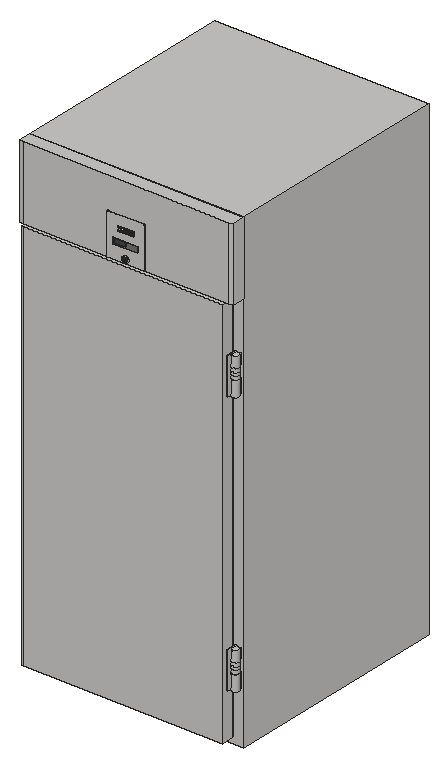
Revit family "QF_ZANUSSI_110884_ZRI16R1FR", category Specialty Equipment, Revit 2018
Family settings
  Round Connector Dimension = Use Diameter
  Part Type = Normal
  Work Plane-Based = No
  Always vertical = Yes
  Cut with Voids When Loaded = No
  Shared = No
  Room Calculation Point = No
Parameters
  Weight = 200.00 kg
  Watts = 0 W
  Volts = 0 V
  URL Manufacturer = ""
  URL = ""
  Steam Supply Size = 0 mm
  Steam Supply Minimum Pressure = 0.0 Pa
  Steam Supply Maximum Pressure = 0.0 Pa
  Steam Pounds per Hour = 0
  Refrigeration Suction Line Size = 0 mm
  Refrigeration Liquid Line Size = 0 mm
  Refrigerant Compressor Remote = yes
  Manufacturer = ""
  Phase = 0
  Model = ""
  Length Actual = 1021 mm  # constant formula
  Item Number = ""
  Hot Water Size = 0 mm
  Height Actual = 2273 mm  # constant formula
  HP = ""
  Gas Size = 0 mm
  Gas KW = 0
  Gas Input Pressure = 0 W
  Description = ""
  Depth Actual = 1175 mm  # constant formula
  Cycle = 0 Hz
  Condensate Return Size = 0 mm
  Compressed Air Volume = 0.0 L/s
  Compressed Air Size = 0 mm
  Compressed Air Pressure = 0.0 Pa
  Cold Water Size = 0 mm
  Accessory = yes
Types (2, lengths in mm): name | Watts | Volts | URL Manufacturer | URL | Manufacturer | Phase | Model | Item Number | HP | Description | Cycle
  (no name) | 0 W | 0 V | "" | "" | "" | 0 | "" | "" | "" | "" | 0 Hz
  Standard | 46.4515 W | 220 V | "http://www.zanussiprofessional.com" | "http://www.zanussiprofessional.com" | "Zanussi" | 1 | "ZRI16R1FR" | "110884" | "0.7 HP" | "1-DOOR ROLL-IN REFRIGERATOR 1600L +2°C R290" | 50 Hz
Reference planes
  plane 1 "Center (Front/Back)": y = 0
  plane 2: z = 0
  plane 3 "Center (Left/Right)": x = 0
  plane 4 "TOP": z = 2273
  plane 5 "FRONT": y = -587.5
  plane 6 "BACK": y = 587.5
  plane 7 "LEFT": x = -510.5
  plane 8 "RIGHT": x = 510.5
  plane 9 "ROy": y = -397.5
  plane 10 "RIy": y = -393.5
  plane 11 "ROx": x = 394.5
  plane 12 "RIx": x = 332.5
  plane 13 "ROz": z = 2054
Forms (mm)
  Extrusion 1, solid, material "QF_Finishes_Stainless Steel"
    sketch origin (0, 0, 0) x (1, 0, 0) y (0, 1, 0)
      loop
        line (-510.5, 587.5) -> (-510.5, -515.5) -> (510.5, -515.5) -> (510.5, 587.5) -> (-510.5, 587.5)
    from 0 to 2273
  Extrusion 2, solid
    sketch origin (0, 587.5, 1872) x (-1, 0, 0) y (0, 0, 1)
      loop
        circle (494.5, 306) r 10
    from 0 to 3.2
  Extrusion 3, solid, material "QF_Clearances", detail levels coarse
    sketch origin (0, 0, 0) x (1, 0, 0) y (0, 1, 0)
      loop
        line (-510.5, -587.5) -> (-510.5, 587.5) -> (510.5, 587.5) -> (510.5, -587.5) -> (560.5, -587.5) -> (560.5, 637.5) -> (-560.5, 637.5) -> (-560.5, -587.5) -> (-510.5, -587.5)
    from 0 to 2273
  Extrusion 4, solid, material "QF_Clearances", detail levels coarse
    sketch origin (0, 0, 2273) x (-1, 0, 0) y (0, -1, 0)
      loop
        line (560.5, -637.5) -> (560.5, 587.5) -> (-560.5, 587.5) -> (-560.5, -637.5) -> (560.5, -637.5)
    from 0 to 500
  Extrusion 5, void
    sketch origin (0, 587.5, 0) x (-1, 0, 0) y (0, 0, 1)
      loop
        line (450.5, 1865) -> (-450.5, 1865) -> (-450.5, 5) -> (450.5, 5) -> (450.5, 1865)
    from -59 to -1084
Cuts and joins
  joined: Extrusion 3, Extrusion 4
  Extrusion 5 cuts Extrusion 1
Lines and regions (mm)
  symbolic lines, style "QF_Clearances", detail levels coarse
    curve 1: line (-510.5, -587.5, 2273) -> (-560.5, -587.5, 2273)
    curve 2: line (-560.5, -587.5, 2273) -> (-560.5, 637.5, 2273)
    curve 3: line (-560.5, 637.5, 2273) -> (560.5, 637.5, 2273)
    curve 4: line (560.5, 637.5, 2273) -> (560.5, -587.5, 2273)
    curve 5: line (560.5, -587.5, 2273) -> (510.5, -587.5, 2273)
Dimensions and locks
  plane 6 "BACK" to plane 1 "Center (Front/Back)" to plane 5 "FRONT" = 587.5 mm, 587.5 mm
  equal spacing: plane 7 "LEFT", plane 3 "Center (Left/Right)", plane 8 "RIGHT"
  plane 7 "LEFT" to plane 8 "RIGHT" = 1021 mm
  plane 6 "BACK" to plane 5 "FRONT" = 1175 mm
  plane 4 "TOP" to plane 2 = 2273 mm
  equal spacing: plane 8 "RIGHT", plane 3 "Center (Left/Right)", plane 7 "LEFT"
  plane 6 "BACK" to nested 1 = 2123 mm
  cut or joined group of Extrusion 1, Extrusion 5 to cut or joined group of Extrusion 1, Extrusion 5 = 901 mm
  cut or joined group of Extrusion 1, Extrusion 5 to cut or joined group of Extrusion 1, Extrusion 5 = 1044 mm
  plane 6 "BACK" to plane 10 "RIy" = 981 mm
  plane 6 "BACK" to plane 9 "ROy" = 985 mm
  plane 12 "RIx" to plane 11 "ROx" = 62 mm
  cut or joined group of Extrusion 1, Extrusion 5 to plane 13 "ROz" = 219 mm
  cut or joined group of Extrusion 3, Extrusion 4 to plane 4 "TOP" = 500 mm
  nested 1 to cut or joined group of Extrusion 1, Extrusion 5 = 1169 mm
  cut or joined group of Extrusion 3, Extrusion 4 to cut or joined group of Extrusion 1, Extrusion 5 = 50 mm
  cut or joined group of Extrusion 3, Extrusion 4 to plane 7 "LEFT" = 50 mm
  cut or joined group of Extrusion 1, Extrusion 5 to cut or joined group of Extrusion 3, Extrusion 4 = 50 mm
  plane 4 "TOP" to plane 13 "ROz" = 219 mm
  plane 11 "ROx" to plane 8 "RIGHT" = 116 mm
  plane 8 "RIGHT" to plane 7 "LEFT" = 1021 mm
  aligned and locked: level to plane 2
Automatic sketch dimensions
  plane 7 "LEFT" to Extrusion 2 sketch curve = 16 mm
  Extrusion 4 sketch curve to plane 5 "FRONT" = 0 mm
  Extrusion 4 sketch curve to plane 8 "RIGHT" = 50 mm
  Extrusion 4 sketch curve to plane 7 "LEFT" = 50 mm
  plane 6 "BACK" to Extrusion 4 sketch curve = 50 mm
  Extrusion 1 sketch curve to plane 7 "LEFT" = 0 mm
  Extrusion 1 sketch curve to plane 8 "RIGHT" = 0 mm
  Extrusion 1 sketch curve to plane 6 "BACK" = 0 mm
  plane 5 "FRONT" to Extrusion 1 sketch curve = 72 mm
  Extrusion 2 sketch curve to plane 4 "TOP" = 95 mm
  Extrusion 3 sketch curve to plane 5 "FRONT" = 0 mm  (x2)
  Extrusion 3 sketch curve to plane 7 "LEFT" = 0 mm
  Extrusion 3 sketch curve to plane 6 "BACK" = 0 mm
  Extrusion 3 sketch curve to plane 8 "RIGHT" = 0 mm
  Extrusion 3 sketch curve to plane 7 "LEFT" = 50 mm
  Extrusion 3 sketch curve to plane 8 "RIGHT" = 50 mm
  plane 6 "BACK" to Extrusion 3 sketch curve = 50 mm
  level to Extrusion 5 sketch curve = 5 mm
  plane 8 "RIGHT" to Extrusion 5 sketch curve = 60 mm
  plane 7 "LEFT" to Extrusion 5 sketch curve = 60 mm
  Extrusion 5 sketch curve to plane 4 "TOP" = 408 mm
  curve 4 to plane 5 "FRONT" = 0 mm
  curve 5 to plane 8 "RIGHT" = 0 mm
  curve 1 to plane 5 "FRONT" = 0 mm
  curve 1 to plane 7 "LEFT" = 0 mm
  curve 4 to plane 8 "RIGHT" = 50 mm
  curve 2 to plane 7 "LEFT" = 50 mm
  plane 6 "BACK" to curve 4 = 50 mm
  radius of Extrusion 2 sketch curve = 10 mm
Nested families
  nested 1: "QF_110884_Door" at (0, -515.5, 1129.637) x (1, 0, 0) z (0, -1, 0), type "QF_110884_Door"
    with Show Clearance yes
  nested 2: "Refrigerator" at (370, -442.5, 110), type "Refrigerator"
Connectors
  electrical at (-494.5, 590.7, 2178), driven by "Volts"
    settings: on Extrusion 2, index 2, voltage 0 V, apparent load 0 VA, apparent load phase1 0 VA, apparent load phase2 0 VA, apparent load phase3 0 VA, power factor 1, load classification "Other", number of poles 1, system type 30, power factor state 1, is connector primary yes, connector utility no, sub classification motor no, connector description "Electrical Connection"
Definition of nested family "QF_110884_Door"
  Parameters
    Show Clearance [instance] = yes
    Model = "110884"
    Default Elevation = 1219.2 mm
  Reference planes
    plane 1 "Center (Front/Back)": y = 6.863
    plane 2: z = 0
    plane 3 "Center (Left/Right)": x = 0
  Forms (mm)
    Extrusion 1, solid
      sketch origin (0, -919.2, 0) x (1, 0, 0) y (0, 1, 0)
        loop
          line (-1100, 2726.7) -> (-1100, -663.873) -> (1016.701, -663.873) -> (1016.701, 2726.7) -> (-1100, 2726.7)
      from 0 to -59.546
    Extrusion 2, solid
      sketch origin (0, 6.863, 0) x (1, 0, 0) y (0, 0, 1)
        loop
          line (-510.5, 60.667) -> (-510.5, 0) -> (510.5, 0) -> (510.5, 60.667) -> (490.5, 66) -> (-490.5, 66) -> (-510.5, 60.667)
      from -1136.5 to -786.5
    Extrusion 3, solid
      sketch origin (0, 6.863, 0) x (1, 0, 0) y (0, 0, 1)
        loop
          line (-498.5, 26) -> (-483.5, 26) -> (-483.5, 8) -> (-465.5, 8) -> (-465.5, 0) -> (457.5, 0) -> (457.5, 8) -> (461.5, 8) -> (461.5, 66) -> (-490.5, 66) -> (-498.5, 63.867) -> (-498.5, 26)
      from -775 to 1105
    Extrusion 4, solid, detail levels coarse
      sketch origin (154.5, 1013.369, -334) x (-1, 0, 0) y (0, 0, -1)
        loop
          line (-367, -352) -> (-367, -1354) -> (-329, -1354) -> (-329, -1332) -> (-311, -1332) -> (-311, -1314) -> (-303, -1314) -> (-303, -400) -> (-351, -400) -> (-351, -352) -> (-367, -352)
      from 2110.506 to 232.142
    Extrusion 5, solid, detail levels coarse
      sketch origin (171.5, 1121.732, -334) x (1, 0, 0) y (0, 0, 1)
        loop
          line (286, 400) -> (286, 1314) -> (294, 1314) -> (294, 1332) -> (312, 1332) -> (312, 1354)
          arc (312, 1354) -> (-379.974, 1081.719) -> (-677, 400) r 972.027
          line (-677, 400) -> (286, 400)
      from 2219.869 to 339.869
    Extrusion 6, solid
      sketch origin (-4, 6.863, 0) x (1, 0, 0) y (0, 0, 1)
        loop
          line (465.5, 46) -> (465.5, 0) -> (474.5, 0) -> (474.5, 46) -> (465.5, 46)
      from -550 to -375
    Extrusion 7, solid
      sketch origin (-4, 6.863, -15.333) x (1, 0, 0) y (0, 0, 1)
        loop
          arc (501.5, 23.843) -> (491.5, 52.333) -> (481.5, 23.843) r 16
          line (481.5, 23.843) -> (481.5, 15.333) -> (501.5, 15.333) -> (501.5, 23.843)
      from -500 to -550
    Extrusion 8, solid
      sketch origin (451.167, 6.863, 512.5) x (0, 0, -1) y (1, 0, 0)
        loop
          arc (501.5, 23.843) -> (491.5, 52.333) -> (481.5, 23.843) r 16
          line (481.5, 23.843) -> (481.5, 19.333) -> (501.5, 19.333) -> (501.5, 23.843)
      from -482 to -500
    Extrusion 9, solid
      sketch origin (-4, 6.863, -15.333) x (1, 0, 0) y (0, 0, 1)
        loop
          arc (501.5, 23.843) -> (491.5, 52.333) -> (481.5, 23.843) r 16
          line (481.5, 23.843) -> (481.5, 15.333) -> (501.5, 15.333) -> (501.5, 23.843)
      from -445 to -375
    Extrusion 10, solid
      sketch origin (451.167, 6.863, 512.5) x (0, 0, -1) y (1, 0, 0)
        loop
          arc (501.5, 23.843) -> (491.5, 52.333) -> (481.5, 23.843) r 16
          line (481.5, 23.843) -> (481.5, 19.333) -> (501.5, 19.333) -> (501.5, 23.843)
      from -469 to -482
    Extrusion 11, solid
      sketch origin (451.167, 6.863, 512.5) x (0, 0, -1) y (1, 0, 0)
        loop
          arc (501.5, 23.843) -> (491.5, 52.333) -> (481.5, 23.843) r 16
          line (481.5, 23.843) -> (481.5, 19.333) -> (501.5, 19.333) -> (501.5, 23.843)
      from -451 to -469
    Extrusion 12, solid
      sketch origin (-4, 6.863, 0) x (1, 0, 0) y (0, 0, 1)
        loop
          circle (491.5, 21) r 12
      from -451 to -445
    Extrusion 13, solid
      sketch origin (-4, -1252.773, 0) x (1, 0, 0) y (0, 0, 1)
        loop
          line (465.5, 46) -> (465.5, 0) -> (474.5, 0) -> (474.5, 46) -> (465.5, 46)
      from -550 to -375
    Extrusion 14, solid
      sketch origin (-4, -1252.773, -15.333) x (1, 0, 0) y (0, 0, 1)
        loop
          arc (501.5, 23.843) -> (491.5, 52.333) -> (481.5, 23.843) r 16
          line (481.5, 23.843) -> (481.5, 15.333) -> (501.5, 15.333) -> (501.5, 23.843)
      from -500 to -550
    Extrusion 15, solid
      sketch origin (451.167, -1252.773, 512.5) x (0, 0, -1) y (1, 0, 0)
        loop
          arc (501.5, 23.843) -> (491.5, 52.333) -> (481.5, 23.843) r 16
          line (481.5, 23.843) -> (481.5, 19.333) -> (501.5, 19.333) -> (501.5, 23.843)
      from -482 to -500
    Extrusion 16, solid
      sketch origin (-4, -1252.773, -15.333) x (1, 0, 0) y (0, 0, 1)
        loop
          arc (501.5, 23.843) -> (491.5, 52.333) -> (481.5, 23.843) r 16
          line (481.5, 23.843) -> (481.5, 15.333) -> (501.5, 15.333) -> (501.5, 23.843)
      from -445 to -375
    Extrusion 17, solid
      sketch origin (451.167, -1252.773, 512.5) x (0, 0, -1) y (1, 0, 0)
        loop
          arc (501.5, 23.843) -> (491.5, 52.333) -> (481.5, 23.843) r 16
          line (481.5, 23.843) -> (481.5, 19.333) -> (501.5, 19.333) -> (501.5, 23.843)
      from -469 to -482
    Extrusion 18, solid
      sketch origin (451.167, -1252.773, 512.5) x (0, 0, -1) y (1, 0, 0)
        loop
          arc (501.5, 23.843) -> (491.5, 52.333) -> (481.5, 23.843) r 16
          line (481.5, 23.843) -> (481.5, 19.333) -> (501.5, 19.333) -> (501.5, 23.843)
      from -451 to -469
    Extrusion 19, solid
      sketch origin (-4, -1252.773, 0) x (1, 0, 0) y (0, 0, 1)
        loop
          circle (491.5, 21) r 12
      from -451 to -445
  Lines and regions (mm)
    symbolic lines
      curve 1: line (-510.5, 6.863, 0) -> (-510.5, 6.863, 60.667)
      curve 2: line (510.5, 6.863, 0) -> (-510.5, 6.863, 0)
      curve 3: line (521.5, 6.863, 18) -> (521.5, 6.863, 1020)
      curve 4: line (457.5, 6.863, 66) -> (457.5, 6.863, 980)
      curve 5: line (521.5, 6.863, 1020) -> (483.5, 6.863, 1020)
      curve 6: line (483.5, 6.863, 998) -> (483.5, 6.863, 1020)
      curve 7: line (465.5, 6.863, 998) -> (483.5, 6.863, 998)
      curve 8: line (465.5, 6.863, 980) -> (465.5, 6.863, 998)
      curve 9: line (457.5, 6.863, 980) -> (465.5, 6.863, 980)
      curve 10: line (510.5, 6.863, 18) -> (521.5, 6.863, 18)
      curve 11: line (-490.5, 6.863, 66) -> (-510.5, 6.863, 60.667)
      curve 12: line (490.5, 6.863, 66) -> (-490.5, 6.863, 66)
      curve 13: line (510.5, 6.863, 60.667) -> (490.5, 6.863, 66)
      curve 14: line (510.5, 6.863, 60.667) -> (510.5, 6.863, 0)
      curve 15: arc (483.5, 6.863, 1020) -> (-208.474, 6.863, 747.719) -> (-505.5, 6.863, 66) r 972.027
  Dimensions and locks
    aligned and locked: plane 2 to Extrusion 1
    aligned and locked: level to Extrusion 1
  Nested families
    nested 1: "QF_DisplayNewRollCabinets_ZAN" at (0, 893.363, 66), type "QF_DisplayNewRollCabinets_ZAN"
      with Show Clearance yes
  Definition of nested family "QF_DisplayNewRollCabinets_ZAN"
    Parameters
      Show Clearance [instance] = yes
      Model = "728658"
      Default Elevation = 1219.2 mm
    Reference planes
      plane 1 "Center (Front/Back)": y = 0
      plane 2: z = 0
      plane 3 "Center (Left/Right)": x = 0
    Forms (mm)
      Extrusion 1, solid
        sketch origin (0, -919.2, 0) x (1, 0, 0) y (0, 1, 0)
          loop
            line (-198.75, 1146.2) -> (-198.75, 709.567) -> (165.741, 709.567) -> (165.741, 1146.2) -> (-198.75, 1146.2)
        from 0 to -59.546
      Extrusion 2, solid
        sketch origin (-59, -79.611, 0) x (0, 1, 0) y (-1, 0, 0)
          loop
            circle (0.611, -59) r 14
          loop
            circle (0.611, -59) r 10
        from 1.6 to 6
      Extrusion 3, solid
        sketch origin (744.635, 285.889, 0) x (0, 1, 0) y (-1, 0, 0)
          loop
            circle (-364.889, 744.635) r 10
          loop
            circle (-364.889, 744.635) r 9
        from 1.6 to 6
      Extrusion 4, solid
        sketch origin (744.635, 285.889, 0) x (0, 1, 0) y (-1, 0, 0)
          loop
            circle (-364.889, 744.635) r 8.7
        from 1.6 to 6
      Extrusion 5, void
        sketch origin (744.635, 285.889, 0) x (0, 1, 0) y (-1, 0, 0)
          loop
            line (-372.339, 745.885) -> (-372.339, 743.385) -> (-362.339, 743.385) -> (-362.339, 745.885) -> (-372.339, 745.885)
        from 3 to 7
      Extrusion 6, solid
        sketch origin (0, 0, 0) x (1, 0, 0) y (0, 1, 0)
          loop
            arc (-90, -95) -> (-88.536, -98.536) -> (-85, -100) r 5
            line (-85, -100) -> (85, -100)
            arc (85, -100) -> (88.536, -98.536) -> (90, -95) r 5
            line (90, -95) -> (90, 95)
            arc (90, 95) -> (88.536, 98.536) -> (85, 100) r 5
            line (85, 100) -> (-85, 100)
            arc (-85, 100) -> (-88.536, 98.536) -> (-90, 95) r 5
            line (-90, 95) -> (-90, -95)
          loop
            line (-60, -3.798) -> (-60, -32.827) -> (60, -32.827) -> (60, -3.798) -> (-60, -3.798)
        from 0 to 1.6
      Extrusion 7, solid
        sketch origin (0, 0, 0) x (1, 0, 0) y (0, 1, 0)
          loop
            line (-60, -3.798) -> (-60, -32.827) -> (60, -32.827) -> (60, -3.798) -> (-60, -3.798)
          loop
            line (-56.428, -8.037) -> (-56.428, -28.331) -> (0, -28.331) -> (0, -8.037) -> (-56.428, -8.037)
        from 0 to 1.6
      Extrusion 8, solid
        sketch origin (0, 0, 0) x (1, 0, 0) y (0, 1, 0)
          loop
            line (-56.428, -8.037) -> (-56.428, -28.331) -> (0, -28.331) -> (0, -8.037) -> (-56.428, -8.037)
        from 0 to 1.6
      Extrusion 9, solid
        sketch origin (0, 15, 0) x (1, 0, 0) y (0, 1, 0)
          loop
            line (-24.658, 16.724) -> (-24.658, 20.689) -> (-30.605, 20.689) -> (-24.658, 32.81) -> (-24.658, 36.095) -> (-34.514, 36.095) -> (-34.514, 32.47) -> (-29.303, 32.583) -> (-34.967, 20.689) -> (-34.967, 16.724) -> (-24.658, 16.724)
          loop
            line (-18.968, 23.974) -> (-16.702, 23.974) -> (-17.835, 32.784) -> (-18.968, 23.974)
          loop
            line (-19.988, 16.724) -> (-19.421, 20.462) -> (-16.136, 20.462) -> (-15.57, 16.724) -> (-11.491, 16.724) -> (-15.116, 36.095) -> (-20.554, 36.095) -> (-24.066, 16.724) -> (-19.988, 16.724)
          loop
            line (-10.989, 36.095) -> (-10.989, 16.724) -> (-7.478, 16.724) -> (-7.478, 29.525) -> (-4.192, 16.724) -> (0.113, 16.724) -> (0.113, 36.095) -> (-3.512, 36.095) -> (-3.512, 23.747) -> (-6.798, 36.095) -> (-10.989, 36.095)
          loop
            arc (1.019, 21.515) -> (5.865, 16.692) -> (11.328, 20.802) r 5.22
            line (11.328, 20.802) -> (11.328, 36.095) -> (7.363, 36.095) -> (7.363, 21.708)
            arc (7.363, 21.708) -> (6.321, 20.507) -> (4.984, 21.368) r 1.214
            line (4.984, 21.368) -> (4.984, 36.095) -> (1.019, 36.095) -> (1.019, 21.515)
          loop
            line (18.691, 29.978) -> (22.43, 29.978) -> (22.491, 31.739)
            arc (22.491, 31.739) -> (22.231, 33.702) -> (20.999, 35.254) r 3.719
            arc (20.999, 35.254) -> (17.381, 36.433) -> (13.762, 35.254) r 6.139
            arc (13.762, 35.254) -> (12.287, 32.389) -> (12.47, 29.172) r 6.125
            arc (12.47, 29.172) -> (13.682, 27.393) -> (15.169, 25.838) r 13.068
            line (15.169, 25.838) -> (16.84, 24.357)
            arc (16.84, 24.357) -> (17.826, 23.519) -> (18.593, 22.477) r 5.571
            arc (18.593, 22.477) -> (18.403, 20.654) -> (16.617, 20.247) r 1.573
            arc (16.617, 20.247) -> (16.079, 20.792) -> (15.849, 21.521) r 1.631
            arc (15.849, 21.521) -> (15.831, 22.035) -> (15.849, 22.549) r 7.441
            arc (15.849, 22.549) -> (15.866, 23.035) -> (15.849, 23.521) r 7.03
            line (15.849, 23.521) -> (11.894, 23.521)
            arc (11.894, 23.521) -> (11.932, 20.748) -> (13.025, 18.199) r 7.131
            arc (13.025, 18.199) -> (18.19, 16.728) -> (22.54, 19.877) r 6.148
            arc (22.54, 19.877) -> (22.619, 23.128) -> (21.224, 26.067) r 7.021
            line (21.224, 26.067) -> (16.879, 29.978)
            arc (16.879, 29.978) -> (16.291, 30.717) -> (15.976, 31.606) r 2.858
            arc (15.976, 31.606) -> (17.094, 33.203) -> (18.691, 32.085) r 1.379
            line (18.691, 32.085) -> (18.691, 29.978)
          loop
            line (29.989, 29.978) -> (33.728, 29.978) -> (33.789, 31.739)
            arc (33.789, 31.739) -> (33.529, 33.702) -> (32.297, 35.254) r 3.719
            arc (32.297, 35.254) -> (28.679, 36.433) -> (25.061, 35.254) r 6.139
            arc (25.061, 35.254) -> (23.585, 32.389) -> (23.768, 29.172) r 6.125
            arc (23.768, 29.172) -> (24.98, 27.393) -> (26.468, 25.838) r 13.068
            line (26.468, 25.838) -> (28.138, 24.357)
            arc (28.138, 24.357) -> (29.125, 23.519) -> (29.892, 22.477) r 5.571
            arc (29.892, 22.477) -> (29.702, 20.654) -> (27.915, 20.247) r 1.573
            arc (27.915, 20.247) -> (27.378, 20.792) -> (27.147, 21.521) r 1.631
            arc (27.147, 21.521) -> (27.13, 22.035) -> (27.147, 22.549) r 7.441
            arc (27.147, 22.549) -> (27.164, 23.035) -> (27.147, 23.521) r 7.03
            line (27.147, 23.521) -> (23.192, 23.521)
            arc (23.192, 23.521) -> (23.231, 20.748) -> (24.324, 18.199) r 7.131
            arc (24.324, 18.199) -> (29.488, 16.728) -> (33.838, 19.877) r 6.148
            arc (33.838, 19.877) -> (33.917, 23.128) -> (32.523, 26.067) r 7.021
            line (32.523, 26.067) -> (28.177, 29.978)
            arc (28.177, 29.978) -> (27.589, 30.717) -> (27.274, 31.606) r 2.858
            arc (27.274, 31.606) -> (28.393, 33.203) -> (29.989, 32.085) r 1.379
            line (29.989, 32.085) -> (29.989, 29.978)
          loop
            line (34.551, 36.095) -> (34.551, 16.724) -> (38.516, 16.724) -> (38.516, 36.095) -> (34.551, 36.095)
        from 1.6 to 3.2
      Extrusion 10, solid
        sketch origin (0, 0, 0) x (1, 0, 0) y (0, 1, 0)
          loop
            line (1.25, -86.45) -> (1.25, -76.45) -> (-1.25, -76.45) -> (-1.25, -86.45) -> (1.25, -86.45)
        from 1.6 to 6
    Cuts and joins
      Extrusion 5 cuts Extrusion 4
    Lines and regions (mm)
      symbolic lines
        curve 1: line (52.518, 0, 4) -> (-53.037, 0, 4)
        curve 2: line (40, 0, 4) -> (40, 0, 6)
        curve 3: line (40, 0, 6) -> (-40, 0, 6)
        curve 4: line (-40, 0, 6) -> (-40, 0, 4)
        curve 5: line (-64.765, 0, 0) -> (-53.037, 0, 4)
        curve 6: line (52.518, 0, 4) -> (64.135, 0, 0)
    Dimensions and locks
      aligned and locked: plane 2 to Extrusion 1
      aligned and locked: level to Extrusion 1
Definition of nested family "Refrigerator"
  Reference planes
    plane 1 "Center (Front/Back)": y = 0
    plane 2: z = 0
    plane 3 "Center (Left/Right)": x = 0
  Lines and regions (mm)
    detail lines, in view "Ref. Level"
      curve 1: spline (-500, 190, 0) -> (-493.185, 166.706, 0) -> (-473.205, 145, 0) -> (-441.421, 126.36, 0) -> (-400, 112.058, 0) -> (-351.764, 103.067, 0) -> (-300, 100, 0) -> (-248.236, 103.067, 0) -> (-200, 112.058, 0) -> (-158.579, 126.36, 0) -> (-126.795, 145, 0) -> (-106.815, 166.706, 0) -> (-100, 190, 0) -> (-106.815, 213.294, 0) -> (-126.795, 235, 0) -> (-158.579, 253.64, 0) -> (-200, 267.942, 0) -> (-248.236, 276.933, 0) -> (-300, 280, 0) -> (-351.764, 276.933, 0) -> (-400, 267.942, 0) -> (-441.421, 253.64, 0) -> (-473.205, 235, 0) -> (-493.185, 213.294, 0) -> (-500, 190, 0)
      curve 2: line (-300, 130, 0) -> (-300, 250, 0)
      curve 3: line (-351.962, 220, 0) -> (-248.038, 160, 0)
      curve 4: line (-351.962, 160, 0) -> (-248.038, 220, 0)
      curve 5: line (-280.884, 246.873, 0) -> (-300, 225, 0)
      curve 6: line (-300, 225, 0) -> (-319.116, 246.873, 0)
      curve 7: line (-330.311, 207.5, 0) -> (-339.696, 234.992, 0)
      curve 8: line (-358.812, 201.882, 0) -> (-330.311, 207.5, 0)
      curve 9: line (-330.311, 172.5, 0) -> (-358.812, 178.118, 0)
      curve 10: line (-339.696, 145.008, 0) -> (-330.311, 172.5, 0)
      curve 11: line (-300, 155, 0) -> (-319.116, 133.127, 0)
      curve 12: line (-280.884, 133.127, 0) -> (-300, 155, 0)
      curve 13: line (-269.689, 172.5, 0) -> (-260.304, 145.008, 0)
      curve 14: line (-241.188, 178.118, 0) -> (-269.689, 172.5, 0)
      curve 15: line (-269.689, 207.5, 0) -> (-241.188, 201.882, 0)
      curve 16: line (-260.304, 234.992, 0) -> (-269.689, 207.5, 0)
